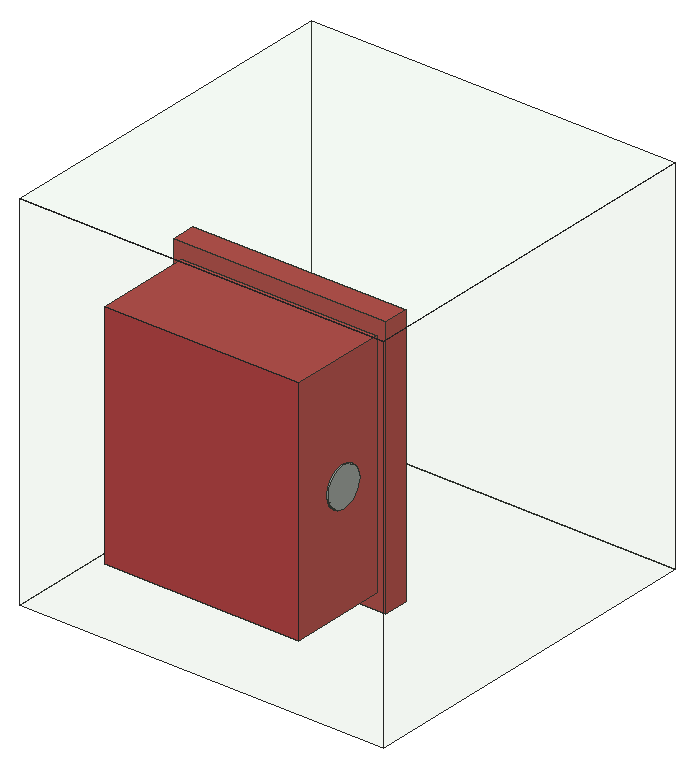
Revit family "ZETA_Коробка_Клемная_КМ 65-10_IP65_Металический", category Электрические приборы, Revit 2021
Family settings
  Сохранять ориентацию аннотаций = Нет
  Размер круглого соединителя = Использовать диаметр
  Тип детали = Нормальный
  На основе рабочей плоскости = Да
  Всегда вертикально = Нет
  При загрузке вырезать с полостями = Нет
  Общий = Нет
  Точка принадлежности помещению = Да
Parameters (values of type "65-10_IP65")
  УГО_Ширина = 10 mm
  УГО_Смещение_Х [instance] = 0 mm
  УГО_Смещение_Y [instance] = 0 mm
  УГО_Высота = 5 mm
  Температура эксплуатации = "от -40°С до +60°С"
  Сечение жил до = "4мм2"
  Сертификат = "RU C-RU.АД84.В.00192/20"
  Потолочное размещение [instance] = no
  Default Elevation = 1219.2 mm
  Описание = "Коробки клеммные соединительные КМ43 и КМ65 предназначены для\r\nсоединения и разветвления силовых электрических цепей и цепей КИПиА,\r\nвыполняемых контрольными и силовыми кабелями с алюминиевыми или медными\r\nжилами сечением 1,5-4мм2."
  Номинальный ток = "до 25A"
  Напряжение постоянного тока = "440 В"
  Напряжение переменного тока = "660 В"
  Крышка_Ширина = 160 mm
  Крышка_Длина = 190 mm
  Климатическое исполнение = "УХЛ1,5"
  Изготовитель = "АО «ЗЭТА»"  # constant formula
  Изготавливается по = "ТУ 27.33.13.120-047-99856433-2020"
  URL = "https://nzeta.ru/"
  D2 = 32 mm
  D1 = 25 mm
  В_УГО_Смещение_У [instance] = УГО_Смещение_Y + 2000 mm  # 2000 mm
  В_УГО_Смещение_X [instance] = УГО_Смещение_Х + 2000 mm  # 2000 mm
  ADSK_Ток = 0 A
  ADSK_Степень защиты_IP = "IP65"
  ADSK_Размер_Ширина = 175 mm
  ADSK_Размер_УголПоворота [instance] = if(Потолочное размещение, -90.00°, 180.00°)  # 180.00°
  ADSK_Размер_Длина = 215 mm
  ADSK_Размер_Высота = 100 mm
  ADSK_Примечание [instance] = ""
  ADSK_Полная мощность = 0 VA
  ADSK_Позиция [instance] = ""
  ADSK_Обозначение = "KK"
  ADSK_Номинальная мощность = 0 W
  ADSK_Номер стояка = ""
  ADSK_Номер линии = 0
  ADSK_Напряжение = 230 V
  ADSK_Наименование краткое = "КМ 65-10"
  ADSK_Наименование = "Коробка монтажная КМ 65-10 УХЛ1,5 IP65 металлические заглушки ГОФРОМАТИК"
  ADSK_Материал наименование = "Сталь оцинкованная"
  ADSK_Масса_Текст = "1,5"
  ADSK_Масса = 1.5
  ADSK_Марка = "KK КМ 65-10 УХЛ1,5 IP65"
  ADSK_Коэффициент мощности = 1
  ADSK_Количество фаз числовое = 1
  ADSK_Количество фаз = 1
  ADSK_Количество = 1
  ADSK_Код изделия = "zeta30325"
  ADSK_Классификация нагрузок = Прочее
  ADSK_Завод-изготовитель = "АО «ЗЭТА»"  # constant formula
  ADSK_Единица измерения = "шт"  # constant formula
  ADSK_Версия семейства = "v.1"  # constant formula
  ADSK_Версия Revit = "2021"
  ADSK_URL страницы изделия = "https://nzeta.ru/catalog/?q=zeta30325"
  ADSK_URL документации изделия = "https://nzeta.ru/upload/uf/ce7/flzcsbpz9h0f8diecrwf8y3ppipdy0zw/passport.pdf"
Reference planes
  plane 1 "По центру (Вперед/Назад)": y = 0
  plane 2: z = 0
  plane 3 "По центру (Влево/Вправо)": x = 0
  plane 4: x = -2000
  plane 5: y = -2000
  plane 6: x = 0
  plane 7: y = 0
Lines and regions (mm)
  reference lines
    curve 1: line (0, 0, 0) -> (0, 0, -180)
    curve 2: line (0, 0, 0) -> (0, 140, 0)
Dimensions and locks
  "В_УГО_Смещение_X": plane 4 to plane 6
  "В_УГО_Смещение_У": plane 7 to plane 5
  angle curve 2 to curve 1 = 90.00°
  "ADSK_Размер_УголПоворота": angle plane 1 "По центру (Вперед/Назад)" to curve 1
  aligned and locked: level to plane 2
  aligned and locked: plane 6 to nested 1
  aligned and locked: nested 1 to plane 7
  aligned and locked: plane 2 to curve 2
  aligned and locked: plane 1 "По центру (Вперед/Назад)" to curve 1
  aligned and locked: nested 2 to curve 2
Nested families
  nested 1: "УГО_Клеменная_Коробка_(GenAnn)" at (0, 0, 0), УГО_Высота <- "УГО_Высота", УГО_Длина <- "УГО_Ширина", ADSK_Обозначение <- "ADSK_Обозначение", ADSK_Степень защиты_IP <- "ADSK_Степень защиты_IP", type "УГО_Клеменная_Коробка_(GenAnn)", detail levels coarse+medium
    with УГО_Длина 10 mm, УГО_Высота 5 mm, ADSK_Степень защиты_IP "IP65", ADSK_Обозначение "KK"
  nested 2: "ZETA_Коробка_Клемная_КМ 65-10_IP65_Геометрия" at (0, 0, 0) x (0, 0, -1) z (0, 1, 0), type "65-10", detail levels medium+fine
  nested 3: "Zeta_Зона обслуживания" at (0, 0, 0) x (-1, 0, 0) z (0, 0, -1), type "Зона обслуживания_Куб", detail levels medium+fine
    with Зона обслуживания_Ширина 300 mm, Зона обслуживания_Длина 300 mm, Зона обслуживания_Высота 300 mm
Connectors
  cabletrayconduit at (-81.999, 43.588, 50), diameter 25, driven by "D1"
    settings: on nested 2, index 2, connector width 300 mm, connector height 300 mm, connector angle 0.00°, system type 32, placement type 0, profile type 0, connector reference index -1, is primary connector yes, connector utility param no, connector description ""
  cabletrayconduit at (-81.999, 43.588, 0), diameter 32, driven by "D2"
    settings: on nested 2, index 3, connector width 300 mm, connector height 300 mm, connector angle 0.00°, system type 32, placement type 0, profile type 0, connector reference index -1, is primary connector no, connector utility param no, connector description ""
  cabletrayconduit at (-81.999, 43.588, -50), diameter 25, driven by "D1"
    settings: on nested 2, index 4, connector width 300 mm, connector height 300 mm, connector angle 0.00°, system type 32, placement type 0, profile type 0, connector reference index -1, is primary connector no, connector utility param no, connector description ""
  electrical at (0, 0, 0), driven by "ADSK_Количество фаз", driven by "ADSK_Классификация нагрузок", driven by "ADSK_Напряжение", driven by "ADSK_Полная мощность", driven by "ADSK_Коэффициент мощности"
    settings: on nested 2, index 5, voltage 230 V, apparent load 0 VA, apparent load phase1 0 VA, apparent load phase2 0 VA, apparent load phase3 0 VA, power factor 1, load classification "Прочее", number of poles 1, system type 30, power factor state 1, is connector primary yes, connector utility no, sub classification motor no, connector description ""
  cabletrayconduit at (81.928, 43.588, 0), diameter 32, driven by "D2"
    settings: on nested 2, index 6, connector width 300 mm, connector height 300 mm, connector angle 0.00°, system type 32, placement type 0, profile type 0, connector reference index -1, is primary connector no, connector utility param no, connector description ""
Definition of nested family "ZETA_Коробка_Клемная_КМ 65-10_IP65_Геометрия"
  Parameters (values of type "65-10")
    Привязки_Штуцер = 100 mm
    Default Elevation = 1219.2 mm
    Основание_Ширина = ADSK_Размер_Ширина * 0.9142  # 159.985 mm
    Основание_Длина = ADSK_Размер_Длина * 0.8835  # 191.72 mm
    Manufacturer = "АО \"ЗЭТАРУС\""
    D2 = 32 mm
    D1 = 25 mm
    ADSK_Размер_Ширина = 175 mm
    ADSK_Размер_Длина = 217 mm
    ADSK_Размер_Высота = 100 mm
    65-20 = no
    65-10 = yes
  Reference planes
    plane 1 "По центру (Вперед/Назад)": y = 0
    plane 2: z = 0
    plane 3 "По центру (Влево/Вправо)": x = 0
    plane 4: x = -95.86
    plane 5: x = 95.86
    plane 6: y = -79.992
    plane 7: y = 79.993
    plane 8: x = -108.5
    plane 9: y = -87.5
    plane 10: x = 108.5
    plane 11: y = 87.5
    plane 12: z = 100
    plane 13: z = 79.822
    plane 14: y = -57.269
    plane 15: y = 57.269
    plane 16: z = 43.588
    plane 17: y = -81.999
    plane 18: y = 81.928
    plane 19: x = -50
    plane 20: x = 50
    plane 21: x = -19.172
    plane 22: x = -57.516
    plane 23: x = 19.172
    plane 24: x = 57.516
  Forms (mm)
    Extrusion 1, solid
      sketch origin (0, 0, 0) x (1, 0, 0) y (0, 1, 0)
        loop
          line (-95.86, 79.993) -> (-95.86, -79.992) -> (95.86, -79.992) -> (95.86, 79.993) -> (-95.86, 79.993)
      from 0 to 79.822
    Extrusion 2, solid
      sketch origin (0, 0, 0) x (1, 0, 0) y (0, 1, 0)
        loop
          line (-108.5, 87.5) -> (-108.5, -87.5) -> (108.5, -87.5) -> (108.5, 87.5) -> (-108.5, 87.5)
      from 100 to 79.822
    Extrusion 3, solid
      sketch origin (0, 0, 0) x (1, 0, 0) y (0, 0, 1)
        loop
          circle (-50, 43.588) r 12.5
      from 79.992 to 81.999
    Extrusion 4, solid
      sketch origin (43.5, 0, 0) x (1, 0, 0) y (0, 0, 1)
        loop
          circle (-43.5, 43.588) r 16
      from 81.999 to 79.992
    Extrusion 5, solid
      sketch origin (117, 0, 0) x (1, 0, 0) y (0, 0, 1)
        loop
          circle (-67, 43.588) r 12.5
      from 81.999 to 79.992
    Extrusion 6, solid, visible <- "65-20"
      sketch origin (85.899, 167.006, 14.478) x (1, 0, 0) y (0, 0, 1)
        loop
          circle (-105.071, 29.11) r 16
      from 85.079 to 87.014
    Extrusion 7, solid, visible <- "65-20"
      sketch origin (26.528, 167.006, 14.478) x (1, 0, 0) y (0, 0, 1)
        loop
          circle (-84.044, 29.11) r 16
      from 85.079 to 87.014
    Extrusion 8, solid, visible <- "65-20"
      sketch origin (145.27, 167.006, 14.478) x (1, 0, 0) y (0, 0, 1)
        loop
          circle (-126.098, 29.11) r 16
      from 85.079 to 87.014
    Extrusion 9, solid, visible <- "65-20"
      sketch origin (204.642, 167.006, 14.478) x (1, 0, 0) y (0, 0, 1)
        loop
          circle (-147.126, 29.11) r 16
      from 85.079 to 87.014
    Extrusion 10, solid, visible <- "65-10"
      sketch origin (115.585, 167.006, 14.478) x (1, 0, 0) y (0, 0, 1)
        loop
          circle (-115.585, 29.11) r 16
      from 85.079 to 87.014
  Dimensions and locks
    equal spacing: plane 4, plane 3 "По центру (Влево/Вправо)", plane 5
    equal spacing: plane 7, plane 1 "По центру (Вперед/Назад)", plane 6
    "Основание_Ширина": plane 7 to plane 6
    "Основание_Длина": plane 4 to plane 5
    equal spacing: plane 11, plane 1 "По центру (Вперед/Назад)", plane 9
    equal spacing: plane 8, plane 3 "По центру (Влево/Вправо)", plane 10
    "ADSK_Размер_Ширина": plane 11 to plane 9
    "ADSK_Размер_Длина": plane 8 to plane 10
    "ADSK_Размер_Высота": plane 12 to level
    locked: plane 6 to plane 17 at 2.006
    locked: plane 18 to plane 7 at 1.935
    equal spacing: plane 19, plane 3 "По центру (Влево/Вправо)", plane 20
    equal spacing: plane 4, plane 22, plane 21, plane 23, plane 24, plane 5
    "Привязки_Штуцер": plane 19 to plane 20
    "D1": diameter of Extrusion 3 sketch curve
    "D2": diameter of Extrusion 4 sketch curve
    "D1": diameter of Extrusion 5 sketch curve
    "D2": diameter of Extrusion 6 sketch curve
    "D2": diameter of Extrusion 7 sketch curve
    "D2": diameter of Extrusion 8 sketch curve
    "D2": diameter of Extrusion 9 sketch curve
    "D2": diameter of Extrusion 10 sketch curve
    aligned and locked: level to plane 2
    aligned and locked: Extrusion 1 sketch curve to plane 7
    aligned and locked: plane 4 to Extrusion 1 sketch curve
    aligned and locked: plane 6 to Extrusion 1 sketch curve
    aligned and locked: Extrusion 1 sketch curve to plane 5
    aligned and locked: Extrusion 2 sketch curve to plane 11
    aligned and locked: plane 8 to Extrusion 2 sketch curve
    aligned and locked: plane 9 to Extrusion 2 sketch curve
    aligned and locked: Extrusion 2 sketch curve to plane 10
    aligned and locked: Extrusion 2 to plane 13
    aligned and locked: Extrusion 1 to Extrusion 2
    aligned and locked: plane 16 to Extrusion 3 sketch curve
    aligned and locked: plane 6 to Extrusion 3
    aligned and locked: Extrusion 3 to plane 17
    aligned and locked: plane 18 to Extrusion 6
    aligned and locked: Extrusion 6 to plane 7
    aligned and locked: Extrusion 4 to Extrusion 1
    aligned and locked: Extrusion 4 to plane 17
    aligned and locked: Extrusion 5 to Extrusion 1
    aligned and locked: Extrusion 5 to plane 17
    aligned and locked: plane 19 to Extrusion 3 sketch curve
    aligned and locked: plane 20 to Extrusion 5 sketch curve
    aligned and locked: plane 16 to Extrusion 5 sketch curve
    aligned and locked: plane 16 to Extrusion 6 sketch curve
    aligned and locked: plane 21 to Extrusion 6 sketch curve
  Automatic sketch dimensions
    Extrusion 4 sketch curve to plane 3 "По центру (Влево/Вправо)" = 0 mm
    Extrusion 4 sketch curve to plane 16 = 0 mm
    Extrusion 7 sketch curve to plane 16 = 0 mm
    Extrusion 7 sketch curve to plane 22 = 0 mm
    Extrusion 8 sketch curve to plane 16 = 0 mm
    Extrusion 8 sketch curve to plane 23 = 0 mm
    Extrusion 9 sketch curve to plane 16 = 0 mm
    Extrusion 9 sketch curve to plane 24 = 0 mm
    Extrusion 10 sketch curve to plane 3 "По центру (Влево/Вправо)" = 0 mm
    Extrusion 10 sketch curve to plane 16 = 0 mm
Definition of nested family "Zeta_Зона обслуживания"
  Parameters (values of type "Зона обслуживания_Куб")
    Default Elevation = 1219.2 mm
    Зона обслуживания_Ширина [instance] = 300 mm
    Зона обслуживания_Длина [instance] = 300 mm
    Зона обслуживания_Высота [instance] = 300 mm
  Reference planes
    plane 1 "По центру (Вперед/Назад)": y = 0
    plane 2: z = 0
    plane 3 "По центру (Влево/Вправо)": x = 0
    plane 4: x = -150
    plane 5: x = 150
    plane 6: y = 300
    plane 7: z = 150
    plane 8: z = -150
  Forms (mm)
    Extrusion 1, solid
      sketch origin (0, 0, 0) x (1, 0, 0) y (0, 1, 0)
        loop
          line (-150, 300) -> (-150, 0) -> (150, 0) -> (150, 300) -> (-150, 300)
      from -150 to 150
  Dimensions and locks
    equal spacing: plane 4, plane 3 "По центру (Влево/Вправо)", plane 5
    "Зона обслуживания_Ширина": plane 6 to plane 1 "По центру (Вперед/Назад)"
    "Зона обслуживания_Длина": plane 4 to plane 5
    equal spacing: plane 7, level, plane 8
    "Зона обслуживания_Высота": plane 7 to plane 8
    aligned and locked: level to plane 2
    aligned and locked: Extrusion 1 sketch curve to plane 6
    aligned and locked: plane 4 to Extrusion 1 sketch curve
    aligned and locked: Extrusion 1 sketch curve to plane 5
    aligned and locked: Extrusion 1 to plane 8
    aligned and locked: plane 7 to Extrusion 1
    aligned and locked: plane 1 "По центру (Вперед/Назад)" to Extrusion 1
  Automatic sketch dimensions
    plane 1 "По центру (Вперед/Назад)" to Extrusion 1 sketch curve = 0 mm
Definition of nested family "УГО_Клеменная_Коробка_(GenAnn)"
  Parameters (values of type "УГО_Клеменная_Коробка_(GenAnn)")
    УГО_Длина [instance] = 10 mm
    УГО_Высота [instance] = 5 mm
    ADSK_Степень защиты_IP [instance] = ""
    ADSK_Обозначение [instance] = ""
  Reference planes
    plane 1: y = 0
    plane 2: x = 0
  Lines and regions (mm)
    Filled region 1, type "Filled region 1"
      outline origin (0, 0, 0) x (1, 0, 0) y (0, 1, 0)
        loop
          line (-5, 2.5) -> (-5, -2.5) -> (5, -2.5) -> (5, 2.5) -> (-5, 2.5)
    reference lines
      curve 1: line (-5, 2.5, 0) -> (-5, -2.5, 0)
      curve 2: line (-5, -2.5, 0) -> (5, -2.5, 0)
      curve 3: line (5, 2.5, 0) -> (5, -2.5, 0)
      curve 4: line (-5, 2.5, 0) -> (5, 2.5, 0)
  Text (mm)
    label "KK IP 54" at (0.033, -0.03, 0), shows "ADSK_Обозначение", "ADSK_Степень защиты_IP"
  Dimensions and locks
    equal spacing: curve 1, plane 2, curve 3
    equal spacing: curve 2, plane 1, curve 4
    "УГО_Длина": curve 1 to curve 3
    "УГО_Высота": curve 2 to curve 4
    aligned and locked: Filled region 1 sketch curve to curve 4
    aligned and locked: Filled region 1 sketch curve to curve 1
    aligned and locked: Filled region 1 sketch curve to curve 2
    aligned and locked: Filled region 1 sketch curve to curve 3
